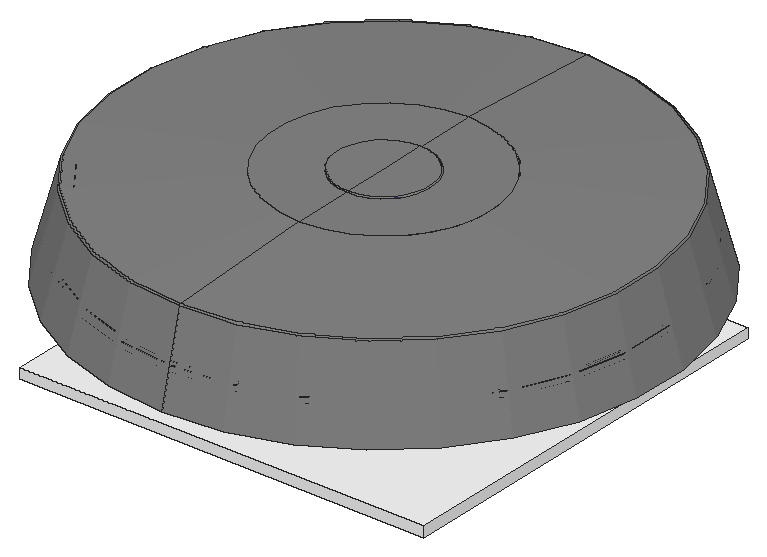
Revit family "BE_85013_de_DE", category Leuchten, Revit 2020
Family settings
  Basisbauteil = Fläche
  Bemaßung runder Anschluss = Durchmesser verwenden
  Teiletyp = Normal
  Beim Laden mit Abzugskörper schneiden = Ja
  Lichtquelle = Ja
  Gemeinsam genutzt = Nein
  Raumberechnungspunkt = Ja
Parameters (values of type "BEGA_85013_Grafit_K3")
  built-in parameter 1150104 = 15.368 (stored number, unit not read)
  Windangriffsfläche = ""
  Werkzeuglos = ""
  Wattage = 24 W
  Default Elevation = 0 mm
  built-in parameter 1150113 = 1 (stored number, unit not read)
  built-in parameter 1114218 = 1 (stored number, unit not read)
  Umgebungstemperatur = "25 °C"
  URL = "https://www.bega.com/de/produkt/85013"
  Typenkommentare = "© 2022 BEGA. Wir behalten uns das Recht vor, technische Änderungen ohne vorherige Ankündigung vorzunehmen."  # constant formula
  built-in parameter 1150134 = (empty or 0)
  built-in parameter 1150109 = 1 (stored number, unit not read)
  Strom = ""
  built-in parameter 1150110 = 1 (stored number, unit not read)
  Spannung = 239.996 V
  Sonderanfertigung = no
  Seriennummer [instance] = "Hier können Sie die eindeutige Seriennummer für das Facility Management eintragen."
  Schutzklasse = "II"
  Schutzart = "IP 65"
  Scheinlast = 0 VA
  Produktdatenblatt = "https://cdn.bega.com/bega/products/85013K4/current/documents/data-sheets/de"
  Oberflächentemperatur = ""
  Neigungswinkel = 0.00°
  Modell = "85013K3"
  Material_18 = BEGA_Gummi_schwarz
  Material_11 = BEGA_Glas_opal
  Material_06 = BEGA_Oberfläche_Edelstahl_gebürstet
  Material_03 = BEGA_Oberfläche_Weiss_matt
  Material_02 = BEGA_Oberfläche_Silber_matt
  Material_01 [instance] = BEGA_Oberfläche_Grafit_matt
  Mastzopfhöhe_h = ""
  Mastzopfdurchmesser_d = ""
  Mastzopf_Ø [instance] = "76 mm"  # constant formula
  Masthöhe_H = ""
  Mastdurchmesser_unten_Ø = ""
  Mast Gruppe = ""
  M_G = yes
  M_A = no
  Logo = 0
  built-in parameter 1114217 = 1 (stored number, unit not read)
  built-in parameter 1150139 = (empty or 0)
  built-in parameter 1150105 = 315.93 (stored number, unit not read)
  built-in parameter 1150114 = 1 (stored number, unit not read)
  Lumens = 3970.08 lm
  Lichtpunkthöhe [instance] = ""
  built-in parameter 1150115 = 1 (stored number, unit not read)
  Leuchtenlichtstrom = "3269 lm"
  Leuchtenanzahl = ""
  Lebensdauerkriterien = "L70B50 @ 25 °C = 175000 h"
  Lastklassifizierung = Beleuchtung
  built-in parameter 1150112 = 1 (stored number, unit not read)
  Lampenlichtstrom = "3970 lm"
  Lampe = "LED 24 W"
  LED_Modulbezeichnung = "LED-1281/830"
  built-in parameter 1150142 = (empty or 0)
  Hersteller = "BEGA"  # constant formula
  Halbstreuwinkel = ""
  Gewicht = "8.15 kg"
  Frequenz = "0/50-60 Hz"
  Farbwiedergabeindex = "CRI > 80"
  Farbtemperaturverschiebung bei Dämpfen der Lampe = <Keine Auswahl>
  Farbtemperatur = "3000 K"
  Color Filter = 16777215
  Erdstücklänge_E = ""
  Erdstück [instance] = no
  built-in parameter 1150133 = 10 (stored number, unit not read)
  Energieeffizienzklasse = "LED A++ - A"
  Einstecktiefe = "65 mm"
  built-in parameter 1150137 = (empty or 0)
  built-in parameter 1150132 = (empty or 0)
  Einbauöffnung = ""
  Einbautiefe = ""
  ENEC = ""
  Durchmesser_Fussplatte_D = ""
  Dimmbar [instance] = ""
  Datei für fotometrisches Netz = "BE_85013K3.IES"
  CE_Konformität = "ja"
  Bestellnummer_Erdstück [instance] = ""
  Bestellnummer = "85013K3"
  Beschreibung_Sonderanfertigung = "Hier können Sie Informationen zur Sonderanfertigung eintragen."
  Beschreibung = "Aufsatzleuchte"
  built-in parameter 1150106 = 3.1593 (stored number, unit not read)
  Befestigungsbohrung = ""
  Befestigungsabstand = ""
  Anschlussleitung = "6.0 m H05RN-F 2 × 1²"
  Anschlussleistung [instance] = "28 W"
  Anschlusskasten = ""
  built-in parameter 1150107 = 3000 (stored number, unit not read)
  built-in parameter 1150102 = (empty or 0)
  built-in parameter 1150138 = (empty or 0)
  Aktualisierung = "2022-08-26T04:00:07"
  Abstand_zur_angestrahlten_Fläche [instance] = ""
  AC/DC = "AC/DC"
Types (4, lengths in mm): name | built-in parameter 1150104 | built-in parameter 1150134 | Modell | M_G | M_A | built-in parameter 1150105 | Lumens | Leuchtenlichtstrom | Lampenlichtstrom | LED_Modulbezeichnung | Farbtemperatur | Datei für fotometrisches Netz | Bestellnummer | built-in parameter 1150106 | built-in parameter 1150107
  BEGA_85013_Grafit_K4 | 16.142 (stored number, unit not read) | 12 | "85013K4" | yes | no | 331.84 (stored number, unit not read) | 4170 lm | "3433 lm" | "4170 lm" | "LED-1281/840" | "4000 K" | "BE_85013K4.IES" | "85013K4" | 3.3184 (stored number, unit not read) | 4000 (stored number, unit not read)
  BEGA_85013_Silber_K4 | 16.142 (stored number, unit not read) | 12 | "85013AK4" | no | yes | 331.84 (stored number, unit not read) | 4170 lm | "3433 lm" | "4170 lm" | "LED-1281/840" | "4000 K" | "BE_85013K4.IES" | "85013AK4" | 3.3184 (stored number, unit not read) | 4000 (stored number, unit not read)
  BEGA_85013_Silber_K3 | 15.368 (stored number, unit not read) | (empty or 0) | "85013AK3" | no | yes | 315.93 (stored number, unit not read) | 3970.08 lm | "3269 lm" | "3970 lm" | "LED-1281/830" | "3000 K" | "BE_85013K3.IES" | "85013AK3" | 3.1593 (stored number, unit not read) | 3000 (stored number, unit not read)
  BEGA_85013_Grafit_K3 | 15.368 (stored number, unit not read) | (empty or 0) | "85013K3" | yes | no | 315.93 (stored number, unit not read) | 3970.08 lm | "3269 lm" | "3970 lm" | "LED-1281/830" | "3000 K" | "BE_85013K3.IES" | "85013K3" | 3.1593 (stored number, unit not read) | 3000 (stored number, unit not read)
Reference planes
  plane 1 "Mitte (Vorne/Hinten)": y = 0
  plane 2: z = 0
  plane 3 "Mitte (Links/Rechts)": x = 0
  plane 4 "Links": x = -275
  plane 5 "Rechts": x = 275
  plane 6 "Unten": y = -275
  plane 7 "Oben": y = 275
  plane 8 "Vorne": z = 158.894
  plane 9 "Hinten": z = 0
Forms (mm)
  Extrusion 1, solid, material "BEGA_Platte_Weiss"
    sketch origin (0, -1119.2, 0) x (1, 0, 0) y (0, 1, 0)
      loop
        line (-200, 1319.2) -> (-200, 919.2) -> (200, 919.2) -> (200, 1319.2) -> (-200, 1319.2)
    from 0 to -10
  Extrusion 2, solid, material "BEGA_Dummy_matt", not visible
    sketch origin (77.149, -76.023, 0) x (1, 0, 0) y (0, 1, 0)
      loop
        circle (-77.149, 76.023) r 275
    from 0 to 158.894
Dimensions and locks
  plane 1 "Mitte (Vorne/Hinten)" to Extrusion 1 = 200 mm
  aligned and locked: plane 2 to Extrusion 1
  aligned and locked: level to Extrusion 1
Nested families
  nested 1: "BE_85013_Leuchte" at (0, 0, 0) x (0, 1, 0) z (0, 0, 1), type "BE_85013_Leuchte"
Connectors
  electrical at (0, 0, 0), driven by "Lastklassifizierung", driven by "Spannung", driven by "Scheinlast"
    settings: index 1, voltage 239.996 V, apparent load 0 VA, apparent load phase1 0 VA, apparent load phase2 0 VA, apparent load phase3 0 VA, power factor 1, load classification "Beleuchtung", number of poles 1, system type 31, power factor state 1, is connector primary yes, connector utility no, sub classification motor no, connector description ""
Definition of nested family "BE_85013_Leuchte"
  Parameters (values of type "BE_85013_Leuchte")
    Default Elevation = 1 mm
    URL = "http://www.bega.de/de/produkt"
    Type Comments = "© 2015 BEGA. Wir behalten uns das Recht vor, technische Änderungen ohne vorherige Ankündigung vorzunehmen. "  # constant formula
    Type Image = (empty or 0)
    Material_18 = none
    Material_11 = none
    Material_06 = none
    Material_03 = none
    Material_02 = none
    Material_01 = none
    M_G = yes
    M_A = yes
    Länge_Platte = 200 mm  # constant formula
    Höhe_Platte = -10 mm  # constant formula
    Manufacturer = "BEGA"  # constant formula
    Breite_Platte = 200 mm  # constant formula
  Reference planes
    plane 1 "Mitte (Oben/Unten)": y = 0
    plane 2: z = 0
    plane 3 "Mitte (Links/Rechts)": x = 0
    plane 4 "Vorne": z = 158.894
    plane 5 "Hinten": z = 0
    plane 6 "Links": x = -275
    plane 7 "Rechts": x = 275
    plane 8 "Oben": y = 275
    plane 9 "Unten": y = -275
  Forms (mm)
    Extrusion 1, solid, detail levels medium
      sketch origin (0, 0, 0) x (1, 0, 0) y (0, 1, 0)
        loop
          line (-100, 100) -> (-100, -100) -> (100, -100) -> (100, 100) -> (-100, 100)
      from 0 to -10 <- "Höhe_Platte"
    Revolve 2, solid, material <- "Material_11"
      sketch origin (0, 0, 0) x (1, 0, 0) y (0, 0, 1)
        loop
          line (-72.234, 70.884) -> (-256.441, 96.773)
          arc (-256.441, 96.773) -> (-256.796, 96.961) -> (-256.947, 97.334) r 0.588
          line (-256.947, 97.334) -> (-256.976, 98.174)
          arc (-256.976, 98.174) -> (-257.19, 98.653) -> (-257.677, 98.85) r 0.701
          line (-257.677, 98.85) -> (-262, 98.85) -> (-261.803, 93.217)
          arc (-261.803, 93.217) -> (-261.576, 92.655) -> (-261.04, 92.37) r 0.887
          line (-261.04, 92.37) -> (-66.623, 65.046)
          arc (-66.623, 65.046) -> (-65.851, 65.257) -> (-65.471, 65.963) r 1.015
          line (-65.471, 65.963) -> (-65.085, 70.375)
          arc (-65.085, 70.375) -> (-64.743, 71.069) -> (-64.021, 71.35) r 1.068
          line (-64.021, 71.35) -> (-51, 71.35) -> (-50.563, 76.35) -> (-67.897, 76.35)
          arc (-67.897, 76.35) -> (-69.286, 75.789) -> (-69.896, 74.42) r 2
          line (-69.896, 74.42) -> (-69.953, 72.794)
          arc (-69.953, 72.794) -> (-70.668, 71.33) -> (-72.234, 70.884) r 2
        axis (0, 98.85) -> (0, 65.046)
      angle from 0 to 360
    Revolve 3, solid, material <- "Material_01", visible <- "M_G"
      sketch origin (0, 0, 0) x (1, 0, 0) y (0, 0, 1)
        loop
          arc (-105.314, 157.9) -> (-178.232, 155.679) -> (-250.883, 149.064) r 1208.667
          arc (-250.883, 149.064) -> (-251.95, 148.591) -> (-252.572, 147.603) r 2
          line (-252.572, 147.603) -> (-275, 63.9) -> (-272.101, 63.9) -> (-256.292, 122.9) -> (-241, 122.9) -> (-240.148, 147.301)
          arc (-240.148, 147.301) -> (-120.149, 154.805) -> (0, 150.319) r 1205.667
          line (0, 150.319) -> (0, 158.894) -> (-45.024, 158.894) -> (-46.018, 157.9) -> (-105.314, 157.9)
        axis (0, 158.894) -> (0, 63.9)
      angle from 0 to 360
    Revolve 4, solid, material <- "Material_18"
      sketch origin (0, 0, 0) x (1, 0, 0) y (0, 0, 1)
        loop
          arc (-262.4, 100) -> (-261.814, 98.586) -> (-260.4, 98) r 2
          arc (-260.4, 98) -> (-258.986, 101.414) -> (-262.4, 100) r 2
        axis (0, 100) -> (0, 98)
      angle from 0 to 360
    Revolve 5, solid, material <- "Material_01", visible <- "M_G"
      sketch origin (0, 0, 0) x (1, 0, 0) y (0, 0, 1)
        loop
          line (-64.082, 71.2) -> (-64.029, 65.839)
          arc (-64.029, 65.839) -> (-63.772, 65.203) -> (-63.166, 64.883) r 1
          line (-63.166, 64.883) -> (-50.025, 63.036)
          arc (-50.025, 63.036) -> (-49.422, 62.713) -> (-49.168, 62.079) r 1
          line (-49.168, 62.079) -> (-47.032, 0.929)
          arc (-47.032, 0.929) -> (-46.739, 0.27) -> (-46.071, 0) r 0.962
          line (-46.071, 0) -> (-39.567, 0) -> (-39, 65) -> (0, 65) -> (0, 71.2) -> (-64.216, 71.2)
        axis (0, 71.2) -> (0, 0)
      angle from 0 to 360
    Revolve 6, void
      sketch origin (0, 0.026, 0) x (1, 0, 0) y (0, 0, 1)
        loop
          line (-51, 35) -> (-31, 35) -> (-31, 39.2) -> (-51, 39.2) -> (-51, 35)
        axis (-51, 35) -> (-31, 35)
      angle from 0 to 360
    Revolve 7, void
      sketch origin (0.068, 0.013, 0) x (-0.5, -0.866025, 0) y (0, 0, 1)
        loop
          line (-51, 35) -> (-31, 35) -> (-31, 39.2) -> (-51, 39.2) -> (-51, 35)
        axis (-51, 35) -> (-31, 35)
      angle from 0 to 360
    Revolve 8, void
      sketch origin (0.023, -0.039, 0) x (-0.5, 0.866025, 0) y (0, 0, 1)
        loop
          line (-51, 35) -> (-31, 35) -> (-31, 39.2) -> (-51, 39.2) -> (-51, 35)
        axis (-51, 35) -> (-31, 35)
      angle from 0 to 360
    Revolve 9, solid, material <- "Material_06"
      sketch origin (0, 0.026, 0) x (1, 0, 0) y (0, 0, 1)
        loop
          line (-49, 38.25) -> (-49, 35) -> (-39, 35) -> (-39, 37.527) -> (-40.473, 39) -> (-48.25, 39) -> (-49, 38.25)
        axis (-49, 35) -> (-39, 35)
      angle from 0 to 360
    Revolve 10, solid, material <- "Material_03"
      sketch origin (0, 0, 0) x (1, 0, 0) y (0, 0, 1)
        loop
          line (-254, 120.9) -> (-254, 116.2) -> (-40, 116.2) -> (-40, 120.9) -> (-254, 120.9)
        axis (0, 116.2) -> (0, 120.9)
      angle from 0 to 360
    Revolve 11, solid, material <- "Material_06"
      sketch origin (0.068, 0.013, 0) x (-0.5, -0.866025, 0) y (0, 0, 1)
        loop
          line (-49, 38.25) -> (-49, 35) -> (-39, 35) -> (-39, 37.527) -> (-40.473, 39) -> (-48.25, 39) -> (-49, 38.25)
        axis (-49, 35) -> (-39, 35)
      angle from 0 to 360
    Revolve 12, solid, material <- "Material_06"
      sketch origin (0.023, -0.039, 0) x (-0.5, 0.866025, 0) y (0, 0, 1)
        loop
          line (-49, 38.25) -> (-49, 35) -> (-39, 35) -> (-39, 37.527) -> (-40.473, 39) -> (-48.25, 39) -> (-49, 38.25)
        axis (-49, 35) -> (-39, 35)
      angle from 0 to 360
    Revolve 13, solid, material <- "Material_02", visible <- "M_A"
      sketch origin (0, 0, 0) x (1, 0, 0) y (0, 0, 1)
        loop
          arc (-105.314, 157.9) -> (-178.232, 155.679) -> (-250.883, 149.064) r 1208.667
          arc (-250.883, 149.064) -> (-251.95, 148.591) -> (-252.572, 147.603) r 2
          line (-252.572, 147.603) -> (-275, 63.9) -> (-272.101, 63.9) -> (-256.292, 122.9) -> (-241, 122.9) -> (-240.148, 147.301)
          arc (-240.148, 147.301) -> (-120.149, 154.805) -> (0, 150.319) r 1205.667
          line (0, 150.319) -> (0, 158.894) -> (-45.024, 158.894) -> (-46.018, 157.9) -> (-105.314, 157.9)
        axis (0, 158.894) -> (0, 63.9)
      angle from 0 to 360
    Extrusion 14, void
      sketch origin (-0.045, 0, 0) x (0, 1, 0) y (0, 0, 1)
        loop
          line (-0.866, 36.5) -> (-1.732, 35) -> (-0.866, 33.5) -> (0.866, 33.5) -> (1.732, 35) -> (0.866, 36.5) -> (-0.866, 36.5)
      from -52.631 to -45.054
    Extrusion 15, void
      sketch origin (0.068, 0.066, 0) x (0.866025, -0.5, 0) y (0, 0, 1)
        loop
          line (-0.866, 36.5) -> (-1.732, 35) -> (-0.866, 33.5) -> (0.866, 33.5) -> (1.732, 35) -> (0.866, 36.5) -> (-0.866, 36.5)
      from -52.631 to -45.054
    Extrusion 16, void
      sketch origin (0.068, -0.065, 0) x (-0.866025, -0.5, 0) y (0, 0, 1)
        loop
          line (-0.866, 36.5) -> (-1.732, 35) -> (-0.866, 33.5) -> (0.866, 33.5) -> (1.732, 35) -> (0.866, 36.5) -> (-0.866, 36.5)
      from -52.631 to -45.054
    Revolve 17, solid, material <- "Material_02", visible <- "M_A"
      sketch origin (0, 0, 0) x (1, 0, 0) y (0, 0, 1)
        loop
          line (-64.082, 71.2) -> (-64.029, 65.839)
          arc (-64.029, 65.839) -> (-63.772, 65.203) -> (-63.166, 64.883) r 1
          line (-63.166, 64.883) -> (-50.025, 63.036)
          arc (-50.025, 63.036) -> (-49.422, 62.713) -> (-49.168, 62.079) r 1
          line (-49.168, 62.079) -> (-47.032, 0.929)
          arc (-47.032, 0.929) -> (-46.739, 0.27) -> (-46.071, 0) r 0.962
          line (-46.071, 0) -> (-39.567, 0) -> (-39, 65) -> (0, 65) -> (0, 71.2) -> (-64.216, 71.2)
        axis (0, 71.2) -> (0, 0)
      angle from 0 to 360
  Cuts and joins
    Revolve 6, Revolve 7, Revolve 8, Extrusion 14 cuts Revolve 5
    Extrusion 14, Extrusion 15 cuts Revolve 9
    Extrusion 16 cuts Revolve 12
    Extrusion 15 cuts Revolve 11
    Revolve 6, Revolve 7, Revolve 8 cuts Revolve 17
  Dimensions and locks
    equal spacing: Extrusion 1 sketch curve, plane 3 "Mitte (Links/Rechts)", Extrusion 1 sketch curve
    equal spacing: Extrusion 1 sketch curve, plane 1 "Mitte (Oben/Unten)", Extrusion 1 sketch curve
    "Länge_Platte": Extrusion 1 sketch curve to Extrusion 1 sketch curve
    "Breite_Platte": Extrusion 1 sketch curve to Extrusion 1 sketch curve
    aligned and locked: plane 2 to Extrusion 1
    aligned and locked: level to Extrusion 1
  Automatic sketch dimensions
    plane 6 "Links" to Revolve 2 sketch curve = 13 mm
    Revolve 2 sketch curve to Revolve 2 sketch curve = 0.197 mm
    Revolve 2 sketch curve to Revolve 2 sketch curve = 0.763 mm
    Revolve 2 sketch curve to Revolve 2 sketch curve = 0.887 mm
    Revolve 2 sketch curve to Revolve 2 sketch curve = 4.323 mm
    Revolve 2 sketch curve to Revolve 2 sketch curve = 0.7 mm
    Revolve 2 sketch curve to Revolve 2 sketch curve = 0.029 mm
    Revolve 2 sketch curve to Revolve 2 sketch curve = 0.506 mm
    Revolve 2 sketch curve to Revolve 2 sketch curve = 0.588 mm
    Revolve 2 sketch curve to plane 3 "Mitte (Links/Rechts)" = 71.951 mm
    Revolve 2 sketch curve to Revolve 2 sketch curve = 1.999 mm  (x2)
    Revolve 2 sketch curve to Revolve 2 sketch curve = 0.057 mm
    Revolve 2 sketch curve to Revolve 2 sketch curve = 3.329 mm
    Revolve 2 sketch curve to Revolve 2 sketch curve = 0.141 mm
    Revolve 2 sketch curve to Revolve 2 sketch curve = 1.011 mm
    Revolve 2 sketch curve to Revolve 2 sketch curve = 0.386 mm
    Revolve 2 sketch curve to Revolve 2 sketch curve = 1.064 mm
    Revolve 2 sketch curve to Revolve 2 sketch curve = 13.021 mm
    Revolve 2 sketch curve to Revolve 2 sketch curve = 0.437 mm
    level to Revolve 2 sketch curve = 65.046 mm
    Revolve 2 sketch curve to Revolve 2 sketch curve = 0.916 mm
    Revolve 2 sketch curve to Revolve 2 sketch curve = 4.319 mm
    Revolve 2 sketch curve to Revolve 2 sketch curve = 0.093 mm
    Revolve 2 sketch curve to Revolve 2 sketch curve = 2.419 mm
    Revolve 2 sketch curve to Revolve 2 sketch curve = 0.07 mm
    Revolve 2 sketch curve to Revolve 2 sketch curve = 1.556 mm
    Revolve 2 sketch curve to Revolve 2 sketch curve = 1.626 mm
    Revolve 2 sketch curve to plane 4 "Vorne" = 66.524 mm
    Revolve 2 sketch curve to Revolve 2 sketch curve = 0.848 mm
    Revolve 2 sketch curve to Revolve 2 sketch curve = 3.524 mm
    Revolve 2 sketch curve to Revolve 2 sketch curve = 0.562 mm
    Revolve 2 sketch curve to Revolve 2 sketch curve = 0.815 mm
    Revolve 2 sketch curve to Revolve 2 sketch curve = 0.024 mm
    Revolve 2 sketch curve to Revolve 2 sketch curve = 0.283 mm
    Revolve 2 sketch curve to plane 3 "Mitte (Links/Rechts)" = 0 mm
    Revolve 2 sketch curve to plane 5 "Hinten" = 509.6 mm
    plane 4 "Vorne" to Revolve 2 sketch curve = 2450.164 mm
    Revolve 3 sketch curve to Revolve 3 sketch curve = 0 mm  (x3)
    Revolve 3 sketch curve to plane 4 "Vorne" = 0 mm
    Revolve 3 sketch curve to plane 6 "Links" = 0 mm
    Revolve 3 sketch curve to plane 3 "Mitte (Links/Rechts)" = 0 mm  (x2)
    plane 6 "Links" to Revolve 3 sketch curve = 18.708 mm
    Revolve 3 sketch curve to Revolve 3 sketch curve = 15.292 mm
    Revolve 3 sketch curve to plane 4 "Vorne" = 11.593 mm
    Revolve 3 sketch curve to Revolve 3 sketch curve = 10.494 mm
    Revolve 3 sketch curve to plane 3 "Mitte (Links/Rechts)" = 105.314 mm
    Revolve 3 sketch curve to plane 3 "Mitte (Links/Rechts)" = 105 mm
    Revolve 3 sketch curve to Revolve 3 sketch curve = 0.223 mm
    Revolve 3 sketch curve to Revolve 3 sketch curve = 24.401 mm
    Revolve 3 sketch curve to Revolve 3 sketch curve = 59 mm
    Revolve 3 sketch curve to Revolve 3 sketch curve = 0.241 mm
    Revolve 3 sketch curve to plane 4 "Vorne" = 8.575 mm
    Revolve 3 sketch curve to plane 3 "Mitte (Links/Rechts)" = 46.018 mm
    Revolve 3 sketch curve to plane 4 "Vorne" = 0.994 mm
    Revolve 3 sketch curve to Revolve 3 sketch curve = 0.994 mm
    Revolve 3 sketch curve to Revolve 3 sketch curve = 2.899 mm
    Revolve 3 sketch curve to Revolve 3 sketch curve = 5.65 mm
    Revolve 3 sketch curve to Revolve 3 sketch curve = 1.93 mm
    Revolve 3 sketch curve to Revolve 3 sketch curve = 441.167 mm
    Revolve 3 sketch curve to Revolve 3 sketch curve = 0.524 mm
    Revolve 3 sketch curve to Revolve 3 sketch curve = 2450.164 mm
    Revolve 4 sketch curve to Revolve 4 sketch curve = 0 mm  (x3)
    plane 6 "Links" to Revolve 4 sketch curve = 14.6 mm
    Revolve 4 sketch curve to plane 4 "Vorne" = 58.894 mm
    Revolve 4 sketch curve to Revolve 4 sketch curve = 2 mm
    Revolve 5 sketch curve to level = 0 mm
    Revolve 5 sketch curve to plane 3 "Mitte (Links/Rechts)" = 0 mm
    Revolve 5 sketch curve to plane 3 "Mitte (Links/Rechts)" = 39 mm
    Revolve 5 sketch curve to plane 3 "Mitte (Links/Rechts)" = 39.567 mm
    Revolve 5 sketch curve to Revolve 5 sketch curve = 6.503 mm
    level to Revolve 5 sketch curve = 0.929 mm
    Revolve 5 sketch curve to Revolve 5 sketch curve = 0.962 mm
    Revolve 5 sketch curve to Revolve 5 sketch curve = 10.168 mm
    Revolve 5 sketch curve to Revolve 5 sketch curve = 0.857 mm
    Revolve 5 sketch curve to Revolve 5 sketch curve = 0.143 mm
    Revolve 5 sketch curve to Revolve 5 sketch curve = 13.005 mm
    Revolve 5 sketch curve to Revolve 5 sketch curve = 0.136 mm
    Revolve 5 sketch curve to Revolve 5 sketch curve = 0.999 mm
    Revolve 5 sketch curve to Revolve 5 sketch curve = 61.117 mm
    Revolve 5 sketch curve to Revolve 5 sketch curve = 0.033 mm
    Revolve 5 sketch curve to Revolve 5 sketch curve = 1.847 mm
    Revolve 5 sketch curve to Revolve 5 sketch curve = 2.921 mm
    Revolve 5 sketch curve to Revolve 5 sketch curve = 0.956 mm
    Revolve 5 sketch curve to Revolve 5 sketch curve = 6.2 mm
    Revolve 5 sketch curve to Revolve 5 sketch curve = 0.053 mm
    Revolve 5 sketch curve to Revolve 5 sketch curve = 0.134 mm
    Revolve 6 sketch curve to Revolve 6 sketch curve = 20 mm
    Revolve 6 sketch curve to Revolve 6 sketch curve = 4.2 mm
    Revolve 6 sketch curve to Revolve 6 sketch curve = 0 mm  (x2)
    Revolve 6 sketch curve to Revolve 6 sketch curve = 6 mm
    Revolve 7 sketch curve to Revolve 7 sketch curve = 20 mm
    Revolve 7 sketch curve to Revolve 7 sketch curve = 4.2 mm
    Revolve 7 sketch curve to Revolve 7 sketch curve = 0 mm  (x2)
    Revolve 7 sketch curve to Revolve 7 sketch curve = 6 mm
    Revolve 8 sketch curve to Revolve 8 sketch curve = 20 mm
    Revolve 8 sketch curve to Revolve 8 sketch curve = 4.2 mm
    Revolve 8 sketch curve to Revolve 8 sketch curve = 0 mm  (x2)
    Revolve 8 sketch curve to Revolve 8 sketch curve = 6 mm
    Revolve 9 sketch curve to Revolve 9 sketch curve = 0.75 mm  (x2)
    Revolve 9 sketch curve to Revolve 9 sketch curve = 7.777 mm
    Revolve 9 sketch curve to Revolve 9 sketch curve = 1.473 mm  (x2)
    Revolve 9 sketch curve to Revolve 9 sketch curve = 2.527 mm
    Revolve 10 sketch curve to plane 3 "Mitte (Links/Rechts)" = 0 mm
    Revolve 10 sketch curve to plane 3 "Mitte (Links/Rechts)" = 40 mm
    plane 6 "Links" to Revolve 10 sketch curve = 21 mm
    Revolve 10 sketch curve to plane 4 "Vorne" = 42.694 mm
    Revolve 10 sketch curve to Revolve 10 sketch curve = 4.7 mm
    level to Revolve 10 sketch curve = 63 mm
    Revolve 10 sketch curve to plane 4 "Vorne" = 26.394 mm
    Revolve 9 sketch curve to Revolve 9 sketch curve = 2 mm  (x2)
    Revolve 9 sketch curve to Revolve 9 sketch curve = 0 mm
    Revolve 11 sketch curve to Revolve 11 sketch curve = 0.75 mm  (x2)
    Revolve 11 sketch curve to Revolve 11 sketch curve = 7.777 mm
    Revolve 11 sketch curve to Revolve 11 sketch curve = 1.473 mm  (x2)
    Revolve 11 sketch curve to Revolve 11 sketch curve = 2.527 mm
    Revolve 11 sketch curve to Revolve 11 sketch curve = 2 mm  (x2)
    Revolve 11 sketch curve to Revolve 11 sketch curve = 0 mm
    Revolve 12 sketch curve to Revolve 12 sketch curve = 0.75 mm  (x2)
    Revolve 12 sketch curve to Revolve 12 sketch curve = 7.777 mm
    Revolve 12 sketch curve to Revolve 12 sketch curve = 1.473 mm  (x2)
    Revolve 12 sketch curve to Revolve 12 sketch curve = 2.527 mm
    Revolve 12 sketch curve to Revolve 12 sketch curve = 2 mm  (x2)
    Revolve 12 sketch curve to Revolve 12 sketch curve = 0 mm
    Revolve 13 sketch curve to Revolve 13 sketch curve = 0 mm  (x3)
    Revolve 13 sketch curve to plane 6 "Links" = 0 mm
    Revolve 13 sketch curve to plane 4 "Vorne" = 0 mm
    Revolve 13 sketch curve to plane 3 "Mitte (Links/Rechts)" = 0 mm  (x2)
    Revolve 13 sketch curve to Revolve 13 sketch curve = 2.899 mm
    plane 6 "Links" to Revolve 13 sketch curve = 18.708 mm
    plane 6 "Links" to Revolve 13 sketch curve = 22.428 mm
    Revolve 13 sketch curve to Revolve 13 sketch curve = 1.93 mm
    Revolve 13 sketch curve to Revolve 13 sketch curve = 15.292 mm
    Revolve 13 sketch curve to plane 4 "Vorne" = 11.593 mm
    Revolve 13 sketch curve to Revolve 13 sketch curve = 10.494 mm
    Revolve 13 sketch curve to plane 4 "Vorne" = 0.994 mm
    Revolve 13 sketch curve to plane 3 "Mitte (Links/Rechts)" = 105.314 mm
    Revolve 13 sketch curve to plane 3 "Mitte (Links/Rechts)" = 105 mm
    Revolve 13 sketch curve to plane 3 "Mitte (Links/Rechts)" = 46.018 mm
    Revolve 13 sketch curve to Revolve 13 sketch curve = 0.994 mm
    Revolve 13 sketch curve to Revolve 13 sketch curve = 0.223 mm
    Revolve 13 sketch curve to Revolve 13 sketch curve = 24.178 mm
    Revolve 13 sketch curve to Revolve 13 sketch curve = 59 mm
    Revolve 13 sketch curve to level = 1050.767 mm
    Revolve 13 sketch curve to Revolve 13 sketch curve = 0.524 mm
    Revolve 13 sketch curve to Revolve 13 sketch curve = 0.241 mm
    Revolve 13 sketch curve to Revolve 13 sketch curve = 441.167 mm
    Revolve 13 sketch curve to Revolve 13 sketch curve = 2450.164 mm
    Extrusion 14 sketch curve to Extrusion 14 sketch curve = 0.866 mm  (x3)
    Extrusion 14 sketch curve to Extrusion 14 sketch curve = 1.5 mm  (x3)
    Extrusion 14 sketch curve to Extrusion 14 sketch curve = 1.732 mm  (x2)
    Extrusion 15 sketch curve to Extrusion 15 sketch curve = 0.866 mm  (x3)
    Extrusion 15 sketch curve to Extrusion 15 sketch curve = 1.5 mm  (x3)
    Extrusion 15 sketch curve to Extrusion 15 sketch curve = 1.732 mm  (x2)
    Extrusion 16 sketch curve to Extrusion 16 sketch curve = 0.866 mm  (x3)
    Extrusion 16 sketch curve to Extrusion 16 sketch curve = 1.5 mm  (x3)
    Extrusion 16 sketch curve to Extrusion 16 sketch curve = 1.732 mm  (x2)
    Revolve 17 sketch curve to level = 0 mm
    Revolve 17 sketch curve to plane 3 "Mitte (Links/Rechts)" = 0 mm  (x2)
    Revolve 17 sketch curve to Revolve 17 sketch curve = 39 mm
    Revolve 17 sketch curve to plane 3 "Mitte (Links/Rechts)" = 39.567 mm
    Revolve 17 sketch curve to Revolve 17 sketch curve = 6.503 mm
    level to Revolve 17 sketch curve = 0.929 mm
    Revolve 17 sketch curve to Revolve 17 sketch curve = 0.962 mm
    Revolve 17 sketch curve to Revolve 17 sketch curve = 10.168 mm
    Revolve 17 sketch curve to Revolve 17 sketch curve = 0.857 mm
    Revolve 17 sketch curve to Revolve 17 sketch curve = 0.143 mm
    Revolve 17 sketch curve to Revolve 17 sketch curve = 13.005 mm
    Revolve 17 sketch curve to Revolve 17 sketch curve = 0.136 mm
    Revolve 17 sketch curve to Revolve 17 sketch curve = 0.999 mm
    Revolve 17 sketch curve to Revolve 17 sketch curve = 61.117 mm
    Revolve 17 sketch curve to Revolve 17 sketch curve = 0.033 mm
    Revolve 17 sketch curve to Revolve 17 sketch curve = 1.847 mm
    Revolve 17 sketch curve to Revolve 17 sketch curve = 2.921 mm
    Revolve 17 sketch curve to Revolve 17 sketch curve = 0.956 mm
    Revolve 17 sketch curve to Revolve 17 sketch curve = 6.2 mm
    Revolve 17 sketch curve to Revolve 17 sketch curve = 0.053 mm
    Revolve 17 sketch curve to Revolve 17 sketch curve = 0.134 mm
    Revolve 17 sketch curve to level = 609.6 mm
    plane 4 "Vorne" to Revolve 17 sketch curve = 2450.164 mm
